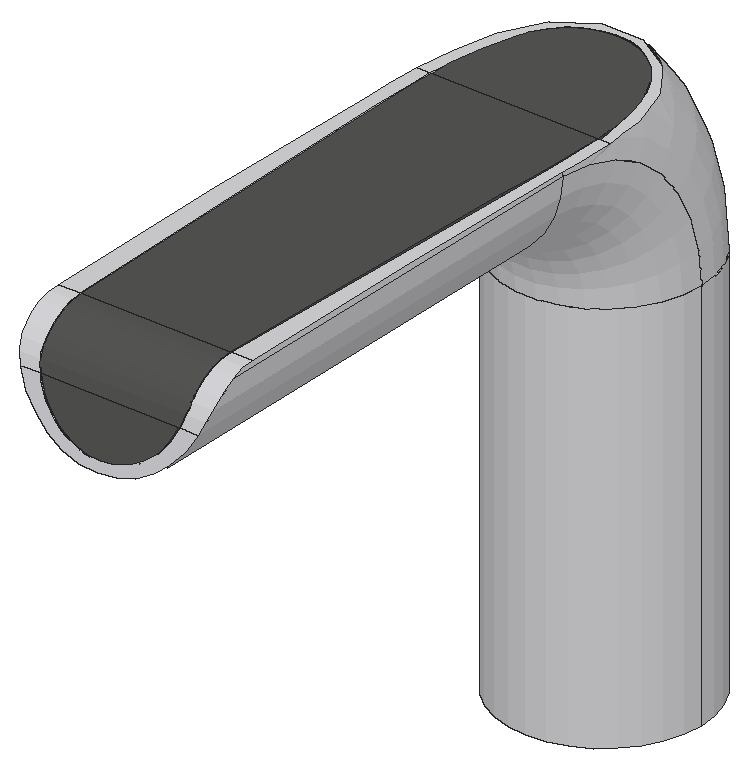
Revit family "Faucet_Touchless-Lavatory-KOHLER-AVID-K-29936T-1", category Plumbing Fixtures, host Face, Revit 2017
Family settings
  Host = Face
  Round Connector Dimension = Use Diameter
  Part Type = Normal
  OmniClass Number = 23.31.11.00
  Cut with Voids When Loaded = No
  Shared = No
  Room Calculation Point = No
Parameters (values of type "CP- Polished Chrome")
  Width = 2 1/128"  # constant formula
  WaterSense Certified = 1 = 0  # no
  Waste Water Outlet = "Waste Water Outlet"  # constant formula
  Waste Connection = 1 = 0  # no
  Voltage = 220 V  # constant formula
  Vent Connection = 1 = 0  # no
  URL = "http://www.kohler.com.cn/"
  Type = 1
  Spout Reach = 5 81/256"  # constant formula
  Product Page URL = "https://www.kohler.com.cn/product/K-29936T-CP/K-29936T-CP/"
  Product Name = "AVID"  # constant formula
  Product Documentation Link = "https://files.kohler.com.cn/pdfs/1567504503784_29936T.pdf"
  Pressure = 60.00 psi  # constant formula
  Model = "K-29936T-CP"  # constant formula
  Material = "Premium Metal Construction"  # constant formula
  Master Format 2014 Name = "Residential Faucets, Supplies, and Trim"  # constant formula
  Master Format 2014 = "22 41 39"  # constant formula
  Manufacturer Address = "Kohler Beijing Office (100016) 36-2-03-B, No. 88, Liuxiang Road, Beijing"  # constant formula
  Manufacturer = "KOHLER Co."  # constant formula
  Length = Spout Reach  # 5 81/256"
  Hot Water Inlet = "Hot Water Inlet"  # constant formula
  Height = 5 121/128"  # constant formula
  Handle Clearance = 0"
  HW Connection = 1 = 0  # no
  Flow Rate = 0.5 GPM  # constant formula
  Finish = Kohler-Metal-CP-Polished_Chrome
  Faucet Hole Spacing = 0"
  Environmental Product Declaration = ""
  Electrical Note = "One Dedicated Circuit Required"  # constant formula
  Electrical Connector = 1 = 1  # yes
  Drain Included = 1 = 1  # yes
  Description = "Aifei soap liquid sensor faucet single cold, AC with power box, 1.9 liters"  # constant formula
  Default Elevation = 36"
  Declare Label = ""
  Date Modified = "06/19/2021"  # constant formula
  Date Created = "06/19/2021"  # constant formula
  Copyright = "Copyright KOHLER Co."  # constant formula
  Contact Us = "http://www.kohler.com.cn/contact/contact-us/"
  Cold Water Inlet = "Cold Water Inlet"  # constant formula
  CW Connection = 1 = 1  # yes
  Assembly Code = "D2010"
  Apparent Load = 0 VA
  ADA Compliant = 1 = 0  # no
Reference planes (in)
  plane 1 "Center (Front/Back)": y = 0
  plane 2: z = 0
  plane 3 "Center (Left/Right)": x = 0
  plane 4: y = 1.00394
  plane 5: y = -1.00394
  plane 6: y = -5.31641
  plane 7: z = 5.94531
  plane 8: z = 4.84252
  plane 9: y = -6.51575
  plane 10: x = -1.00394
  plane 11: x = 1.00388
  plane 12: x = -0.53355
Dimensions and locks (in)
  "Width": plane 10 to plane 11
  plane 4 to plane 9 = 7.51969"
  "Length": plane 6 to plane 1 "Center (Front/Back)"
  "Height": level to plane 7
  "Spout Reach": plane 1 "Center (Front/Back)" to plane 6
  level to plane 8 = 4.84252"
  aligned and locked: plane 2 to host face
  aligned and locked: level to host face
  aligned and locked: plane 3 "Center (Left/Right)" to nested 1
  aligned and locked: plane 1 "Center (Front/Back)" to nested 1
Automatic sketch dimensions
  host sketch curve to host sketch curve = 96"  (x2)
Nested families (in)
  nested 1: "K-29936T" at (0, 0, 0), type "K-29936T"
Connectors (in)
  piping at (0, 0, 0), diameter 0.5, driven by "Flow Rate", driven by "Pressure", driven by "CW Connection", driven by "Cold Water Inlet"
    settings: on nested 1, index 1, connector inside diameter 24", connector length 0", flow factor 0, pipe flow 0.5 GPM, pressure drop 60.00 psi, fitting loss kfactor 0, connector angle 0.00°, fixture units 0, engagement length 0", angle of deflection 0.00°, flow configuration 1, flow direction 1, fitting loss method 4, system type 20, joint type 0, gender type 0, connector reference index -1, connector utility 1, adjustable connector no, is connector primary yes, connector description "Cold Water Inlet"
  electrical at (-0.53355, 0, 0), driven by "Voltage", driven by "Apparent Load", driven by "Electrical Connector", driven by "Electrical Note"
    settings: on nested 1, index 2, voltage 220 V, apparent load 0 VA, apparent load phase1 0 VA, apparent load phase2 0 VA, apparent load phase3 0 VA, power factor 1, load classification "Power", number of poles 1, system type 30, power factor state 1, is connector primary yes, connector utility yes, sub classification motor no, connector description "One Dedicated Circuit Required"
Definition of nested family "K-29936T"
  Parameters (values of type "K-29936T")
    Material = none
  Reference planes (in)
    plane 1 "Center (Front/Back)": y = 0
    plane 2: z = 0
    plane 3 "Center (Left/Right)": x = 0
    plane 4: y = 1.00394
    plane 5: y = -1.00394
    plane 6: z = 4.84252
    plane 7: y = -6.51575
    plane 8: y = -5.31496
    plane 9: z = 5.94488
    plane 10: x = -1.00394
    plane 11: x = 1.00394
    plane 12: x = -0.53355
  Forms (in)
    Sweep 1, solid, material <- "Material", detail levels medium+fine
      path origin (0, 0, 0) x (0, 1, 0) y (0, 0, 1)
        loop
          line (-7.30315, 4.84252) -> (-1.79134, 4.84252)
          arc (-1.79134, 4.84252) -> (-1.23456, 4.6119) -> (-1.00394, 4.05512) r 0.7874
          line (-1.00394, 4.05512) -> (-1.00394, 0)
      profile origin (0, -1.00394, 0) x (1, 0, 0) y (0, 1, 0)
        loop
          circle (0, 1.00394) r 1.00394
    Sweep 2, void
      path origin (0, 0, 0) x (0, 1, 0) y (0, 0, 1)
        loop
          arc (1.71456, 6.26022) -> (0.2916, 5.95518) -> (-1.16145, 5.8743) r 9.36409
          arc (-1.16145, 5.8743) -> (-3.46683, 5.90671) -> (-5.77244, 5.90165) r 141.85922
          arc (-5.77244, 5.90165) -> (-6.1455, 5.77178) -> (-6.36411, 5.44278) r 0.61915
          line (-6.36411, 5.44278) -> (-6.61885, 4.49206)
      profile origin (0, -3.46683, 5.90671) x (0, -0.00593, -0.999982) y (1, 0, 0)
        loop
          line (0, -1.12832) -> (0, 1.0801) -> (-1.5748, 1.0801) -> (-1.5748, -1.12832) -> (0, -1.12832)
    Extrusion 3, void
      sketch origin (0, 0, 0) x (1, 0, 0) y (0, 1, 0)
        loop
          line (0.75256, -6.71304) -> (0.85261, -2.38233)
          arc (0.85261, -2.38233) -> (0.85983, -2.03068) -> (0.86522, -1.679) r 68.00565
          arc (0.86522, -1.679) -> (0.86542, -1.37934) -> (0.85836, -1.07977) r 12.37796
          arc (0.85836, -1.07977) -> (0.84038, -0.85539) -> (0.80261, -0.63349) r 2.54101
          arc (0.80261, -0.63349) -> (0.76559, -0.49133) -> (0.7168, -0.35276) r 1.75429
          arc (0.7168, -0.35276) -> (0.63216, -0.18968) -> (0.5173, -0.04627) r 0.9361
          arc (0.5173, -0.04627) -> (-0.08895, 0.16898) -> (-0.63027, -0.17865) r 0.73043
          arc (-0.63027, -0.17865) -> (-0.65047, -0.21403) -> (-0.66886, -0.25038) r 0.80982
          arc (-0.66886, -0.25038) -> (-0.78695, -0.56902) -> (-0.84719, -0.90345) r 1.92533
          arc (-0.84719, -0.90345) -> (-0.86258, -1.13579) -> (-0.86695, -1.36859) r 4.91548
          arc (-0.86695, -1.36859) -> (-0.86208, -1.87535) -> (-0.85244, -2.38203) r 53.90553
          line (-0.85244, -2.38203) -> (-0.7497, -6.71304) -> (0.75256, -6.71304)
      from 6.22945 to 5.70304
    Extrusion 4, void
      sketch origin (0, 0, 0) x (1, 0, 0) y (0, 0, 1)
        loop
          arc (-0.76139, 5.70304) -> (0.00128, 4.94038) -> (0.76394, 5.70304) r 0.76266
          line (0.76394, 5.70304) -> (-0.76139, 5.70304)
      from 5.6115 to 6.89926
    Extrusion 5, solid
      sketch origin (0, 0, 0) x (1, 0, 0) y (0, 1, 0)
        loop
          line (0.75256, -6.71304) -> (0.85261, -2.38233)
          arc (0.85261, -2.38233) -> (0.85983, -2.03068) -> (0.86522, -1.679) r 68.00565
          arc (0.86522, -1.679) -> (0.86542, -1.37934) -> (0.85836, -1.07977) r 12.37796
          arc (0.85836, -1.07977) -> (0.84038, -0.85539) -> (0.80261, -0.63349) r 2.54101
          arc (0.80261, -0.63349) -> (0.76559, -0.49133) -> (0.7168, -0.35276) r 1.75429
          arc (0.7168, -0.35276) -> (0.63216, -0.18968) -> (0.5173, -0.04627) r 0.9361
          arc (0.5173, -0.04627) -> (-0.08895, 0.16898) -> (-0.63027, -0.17865) r 0.73043
          arc (-0.63027, -0.17865) -> (-0.65047, -0.21403) -> (-0.66886, -0.25038) r 0.80982
          arc (-0.66886, -0.25038) -> (-0.78695, -0.56902) -> (-0.84719, -0.90345) r 1.92533
          arc (-0.84719, -0.90345) -> (-0.86258, -1.13579) -> (-0.86695, -1.36859) r 4.91548
          arc (-0.86695, -1.36859) -> (-0.86208, -1.87535) -> (-0.85244, -2.38203) r 53.90553
          line (-0.85244, -2.38203) -> (-0.7497, -6.71304) -> (0.75256, -6.71304)
      from 4.7703 to 6.07648
    Extrusion 6, void
      sketch origin (0, 0, 0) x (1, 0, 0) y (0, 0, 1)
        loop
          line (-0.75249, 5.58692) -> (-1.05093, 5.58692) -> (-1.05093, 4.52193) -> (1.15764, 4.52193) -> (1.15764, 5.58692) -> (0.75505, 5.58692)
          arc (0.75505, 5.58692) -> (0.00128, 4.94038) -> (-0.75249, 5.58692) r 0.76266
      from -0.59237 to 6.63358
    Revolve 7, void
      sketch origin (0, 0, 0) x (0, 1, 0) y (0, 0, 1)
        loop
          line (-5.05394, 4.72086) -> (-5.02788, 4.86862) -> (-5.28993, 4.91483) -> (-5.31598, 4.76707) -> (-5.05394, 4.72086)
        axis (-5.31598, 4.76707) -> (-5.28993, 4.91483)
      angle from 0 to 360
    Extrusion 8, void
      sketch origin (0, 0, 0) x (1, 0, 0) y (0, 1, 0)
        loop
          line (0.10015, -5.81283) -> (-0.09922, -5.81283)
          arc (-0.09922, -5.81283) -> (-0.35026, -6.06388) -> (-0.09922, -6.31492) r 0.25104
          line (-0.09922, -6.31492) -> (0.10015, -6.31492)
          arc (0.10015, -6.31492) -> (0.35119, -6.06388) -> (0.10015, -5.81283) r 0.25104
      from 4.51646 to 4.92465
    Extrusion 9, void
      sketch origin (0, 0, 0) x (1, 0, 0) y (0, 1, 0)
        loop
          circle (-0.00068, -4.68516) r 0.06877
        loop
          circle (0.00049, -2.32263) r 0.12865
      from 4.71433 to 4.87664
    Revolve 10, solid, material <- "Material"
      sketch origin (0, 0, 0) x (0, 1, 0) y (0, 0, 1)
        loop
          line (-5.06328, 4.79112) -> (-5.03821, 4.81142) -> (-5.02812, 4.86867) -> (-5.07956, 4.87774) -> (-5.09388, 4.79651) -> (-5.06328, 4.79112)
        axis (-5.28932, 4.91472) -> (-5.30364, 4.8335)
      angle from 0 to 360
    Extrusion 11, solid, detail levels medium+fine
      sketch origin (0, 0, 0) x (1, 0, 0) y (0, 1, 0)
        loop
          circle (-0.00068, -4.68516) r 0.06877
        loop
          circle (-0.00068, -4.68516) r 0.03885
      from 4.84252 to 4.87664
    Revolve 12, solid, detail levels medium+fine
      sketch origin (0, 0, 0.01692) x (0, 1, 0) y (0, 0, 1)
        loop
          line (-2.323, 4.83465) -> (-2.323, 5.00035) -> (-2.45057, 5.00035) -> (-2.45057, 4.85518)
          arc (-2.45057, 4.85518) -> (-2.44456, 4.84066) -> (-2.43004, 4.83465) r 0.02053
          line (-2.43004, 4.83465) -> (-2.323, 4.83465)
        axis (-2.323, 4.83465) -> (-2.323, 5.00035)
      angle from 0 to 360
    Extrusion 13, solid
      sketch origin (0, 0, 0) x (1, 0, 0) y (0, 1, 0)
        loop
          line (0.10015, -5.81283) -> (-0.09922, -5.81283)
          arc (-0.09922, -5.81283) -> (-0.35026, -6.06388) -> (-0.09922, -6.31492) r 0.25104
          line (-0.09922, -6.31492) -> (0.10015, -6.31492)
          arc (0.10015, -6.31492) -> (0.35119, -6.06388) -> (0.10015, -5.81283) r 0.25104
      from 4.90591 to 4.94168
    Extrusion 14, solid
      sketch origin (0, -5.30364, 4.8335) x (-1, 0, 0) y (0, 0.984808, -0.173648)
        loop
          circle (0, 0) r 0.213
      from 0 to -0.1162
    Sweep 15, solid, material <- "Material", detail levels coarse
      path origin (0, 0, 0) x (0, 1, 0) y (0, 0, 1)
        loop
          line (-7.30315, 4.84252) -> (-1.00394, 4.84252) -> (-1.00394, 0)
      profile origin (0, -1.00394, 0) x (1, 0, 0) y (0, 1, 0)
        loop
          circle (0, 1.00394) r 1.00394
    Extrusion 16, solid, material <- "Material", detail levels medium+fine
      sketch origin (0, 0, 0) x (1, 0, 0) y (0, 1, 0)
        loop
          circle (0, 0) r 0.19685
      from 0 to 0.06787
    Extrusion 17, solid, material <- "Material", detail levels medium+fine
      sketch origin (0, 0, 0) x (1, 0, 0) y (0, 1, 0)
        loop
          circle (-0.53355, 0) r 0.19685
      from 0 to 0.21681
  Cuts and joins
    Sweep 2, Extrusion 3, Extrusion 4, Revolve 7, Extrusion 8, Extrusion 9 cuts Sweep 1
    Sweep 2, Extrusion 6 cuts Extrusion 5
    Sweep 2, Extrusion 3, Extrusion 4, Revolve 7, Extrusion 8 cuts Sweep 15
  Lines and regions (in)
    Masking region 1
      outline origin (0, 0, 0) x (0, 1, 0) y (0, 0, 1)
        loop
          line (-1.00394, 0) -> (1.00394, 0) -> (1.00394, 4.04902)
          arc (1.00394, 4.04902) -> (0.81298, 5.0662) -> (0.26612, 5.94488) r 2.80467
          arc (0.26612, 5.94488) -> (-0.4464, 5.88404) -> (-1.16145, 5.8743) r 9.99228
          arc (-1.16145, 5.8743) -> (-3.46683, 5.90671) -> (-5.77244, 5.90165) r 141.85922
          arc (-5.77244, 5.90165) -> (-6.1455, 5.77178) -> (-6.36411, 5.44278) r 0.61915
          line (-6.36411, 5.44278) -> (-6.51575, 4.84252) -> (-6.32335, 4.84252)
          arc (-6.32335, 4.84252) -> (-6.28819, 4.86407) -> (-6.24999, 4.87959) r 0.25187
          arc (-6.24999, 4.87959) -> (-6.06384, 4.90811) -> (-5.87768, 4.87959) r 0.62181
          arc (-5.87768, 4.87959) -> (-5.84105, 4.86428) -> (-5.80783, 4.84252) r 0.21621
          line (-5.80783, 4.84252) -> (-5.57287, 4.84252)
          arc (-5.57287, 4.84252) -> (-5.52591, 4.85451) -> (-5.47842, 4.86422) r 1.00106
          line (-5.47842, 4.86422) -> (-5.06319, 4.791) -> (-5.03927, 4.81037) -> (-5.03065, 4.84252) -> (-2.45078, 4.84252)
          arc (-2.45078, 4.84252) -> (-2.32225, 4.85069) -> (-2.19372, 4.84252) r 1.01551
          line (-2.19372, 4.84252) -> (-1.79134, 4.84252)
          arc (-1.79134, 4.84252) -> (-1.23456, 4.6119) -> (-1.00394, 4.05512) r 0.7874
          line (-1.00394, 4.05512) -> (-1.00394, 0)
    Masking region 2
      outline origin (0, 0, 0) x (1, 0, 0) y (0, 0, 1)
        loop
          line (-1.00394, 0) -> (1.00394, 0) -> (1.00394, 5.90918) -> (0.71395, 5.90918)
          arc (0.71395, 5.90918) -> (0, 5.94488) -> (-0.71395, 5.90918) r 7.15661
          line (-0.71395, 5.90918) -> (-1.00394, 5.90918) -> (-1.00394, 0)
    Masking region 3
      outline origin (0, 0, 0) x (1, 0, 0) y (0, 1, 0)
        loop
          spline (-1.00394, -6.02166) -> (-1.00372, -6.06342) -> (-1.00295, -6.10306) -> (-1.00141, -6.14067) -> (-0.99889, -6.17628) -> (-0.99516, -6.20966) -> (-0.98998, -6.24051) -> (-0.98314, -6.26857) -> (-0.97449, -6.29367) -> (-0.96395, -6.31569) -> (-0.95138, -6.33455) -> (-0.93663, -6.35025) -> (-0.91952, -6.36283)
          arc (-0.91952, -6.36283) -> (-0.83921, -6.40442) -> (-0.75427, -6.43548) r 0.71095
          arc (-0.75427, -6.43548) -> (-0.57354, -6.47894) -> (-0.38932, -6.50381) r 1.82641
          arc (-0.38932, -6.50381) -> (0, -6.51575) -> (0.38932, -6.50381) r 6.3551
          arc (0.38932, -6.50381) -> (0.57354, -6.47894) -> (0.75427, -6.43548) r 1.82641
          arc (0.75427, -6.43548) -> (0.83921, -6.40442) -> (0.91952, -6.36283) r 0.71095
          spline (0.91952, -6.36283) -> (0.93663, -6.35025) -> (0.95138, -6.33455) -> (0.96395, -6.31569) -> (0.97449, -6.29367) -> (0.98314, -6.26857) -> (0.98998, -6.24051) -> (0.99516, -6.20966) -> (0.99889, -6.17628) -> (1.00141, -6.14067) -> (1.00295, -6.10306) -> (1.00372, -6.06342) -> (1.00394, -6.02166)
          line (1.00394, -6.02166) -> (1.00394, 0.00008)
          arc (1.00394, 0.00008) -> (0, 1.00402) -> (-1.00394, 0.00008) r 1.00394
          line (-1.00394, 0.00008) -> (-1.00394, -6.02166)
    symbolic lines, detail levels medium+fine
      curve 1: line (0, -1.00394, 4.05512) -> (0, 1.00393, 4.05512)
      curve 2: line (0, -2.32263, 4.85068) -> (0, -2.32263, 5.89531)
      curve 3: arc (0, 0.27665, 5.93333) -> (0, -0.4411, 5.86633) -> (0, -1.16189, 5.85462) r 9.38377
      curve 4: arc (0, -1.16189, 5.85462) -> (0, -3.46695, 5.88703) -> (0, -5.77224, 5.88196) r 141.83953
      curve 5: arc (0, -5.77224, 5.88196) -> (0, -6.13338, 5.75627) -> (0, -6.34506, 5.43782) r 0.59947
      curve 6: line (0, -6.34506, 5.43782) -> (0, -6.49544, 4.84252)
      curve 7: arc (0, -5.03249, 4.84252) -> (0, -5.25424, 4.87836) -> (0, -5.47842, 4.86422) r 1.00847
      curve 8: line (0, -5.03821, 4.81142) -> (0, -5.39883, 4.87501)
      curve 9: arc (0, -4.61639, 4.84252) -> (0, -4.68516, 4.84492) -> (0, -4.75393, 4.84252) r 0.98449
      curve 10: arc (-1.00394, 0, 5.84646) -> (0, 0, 4.84252) -> (1.00394, 0, 5.84646) r 1.00394
      curve 11: spline (0, 0, 4.79112) -> (0.04566, 0, 4.79187) -> (0.08971, 0, 4.79408) -> (0.13059, 0, 4.7977) -> (0.16686, 0, 4.80257) -> (0.19724, 0, 4.80854) -> (0.22065, 0, 4.81539) -> (0.23627, 0, 4.82287) -> (0.24355, 0, 4.83074) -> (0.24223, 0, 4.8387) -> (0.23235, 0, 4.84648) -> (0.21427, 0, 4.8538) -> (0.18862, 0, 4.8604)
      curve 12: spline (-0.18862, 0, 4.8604) -> (-0.21427, 0, 4.8538) -> (-0.23235, 0, 4.84648) -> (-0.24223, 0, 4.8387) -> (-0.24355, 0, 4.83074) -> (-0.23627, 0, 4.82287) -> (-0.22065, 0, 4.81539) -> (-0.19724, 0, 4.80854) -> (-0.16686, 0, 4.80257) -> (-0.13059, 0, 4.7977) -> (-0.08971, 0, 4.79408) -> (-0.04566, 0, 4.79187) -> (0, 0, 4.79112)
      curve 13: spline (0, 0, 4.79651) -> (0.03955, 0, 4.79716) -> (0.07773, 0, 4.79906) -> (0.11321, 0, 4.80217) -> (0.14474, 0, 4.80636) -> (0.17124, 0, 4.8115) -> (0.19179, 0, 4.81741) -> (0.20566, 0, 4.82387) -> (0.21238, 0, 4.83067) -> (0.21171, 0, 4.83757) -> (0.20367, 0, 4.84433) -> (0.18855, 0, 4.85071) -> (0.16688, 0, 4.85649)
      curve 14: spline (-0.16688, 0, 4.85649) -> (-0.18855, 0, 4.85071) -> (-0.20367, 0, 4.84433) -> (-0.21171, 0, 4.83757) -> (-0.21238, 0, 4.83067) -> (-0.20566, 0, 4.82387) -> (-0.19179, 0, 4.81741) -> (-0.17124, 0, 4.8115) -> (-0.14474, 0, 4.80636) -> (-0.11321, 0, 4.80217) -> (-0.07773, 0, 4.79906) -> (-0.03955, 0, 4.79716) -> (0, 0, 4.79651)
      curve 15: arc (0.75505, 0, 5.58692) -> (0.00128, 0, 4.94038) -> (-0.75249, 0, 5.58692) r 0.76266
      curve 16: arc (-0.75249, 0, 5.58692) -> (-0.76569, 0, 5.71635) -> (-0.76558, 0, 5.84646) r 1.27036
      curve 17: arc (-0.76558, 0, 5.84646) -> (-0.77206, 0, 5.8812) -> (-0.79365, 0, 5.90918) r 0.07544
      curve 18: arc (0.77321, 0, 5.88634) -> (0.77104, 0, 5.73621) -> (0.75505, 0, 5.58692) r 1.62798
      curve 19: arc (0.79936, 0, 5.90918) -> (0.78087, 0, 5.90395) -> (0.77321, 0, 5.88634) r 0.02244
      curve 20: line (-0.2417, 0, 4.82761) -> (-0.26528, 0, 4.84668)
      curve 21: line (-0.26528, 0, 4.8782) -> (-0.26528, 0, 4.84668)
      curve 22: line (0.2417, 0, 4.82761) -> (0.26528, 0, 4.84668)
      curve 23: line (0.26528, 0, 4.8782) -> (0.26528, 0, 4.84668)
      curve 24: arc (-0.26528, 0, 4.84668) -> (-0.26209, 0, 4.85815) -> (-0.25343, 0, 4.86632) r 0.0222
      curve 25: arc (-0.25343, 0, 4.86632) -> (-0.24528, 0, 4.86951) -> (-0.23663, 0, 4.87081) r 0.03915
      curve 26: arc (0.26528, 0, 4.84668) -> (0.26209, 0, 4.85815) -> (0.25343, 0, 4.86632) r 0.0222
      curve 27: arc (0.25343, 0, 4.86632) -> (0.24528, 0, 4.86951) -> (0.23663, 0, 4.87081) r 0.03915
      curve 28: line (-1.00394, 0, 4.05512) -> (1.00394, 0, 4.05512)
      curve 29: line (0, 0, 4.05512) -> (0, 0, 4.44882)
      curve 30: arc (0, 0, 4.44882) -> (-0.02495, 0, 4.62854) -> (-0.09791, 0, 4.79468) r 0.65984
      curve 31: arc (0, 0, 4.44882) -> (0.02495, 0, 4.62854) -> (0.09791, 0, 4.79468) r 0.65984
      curve 32: line (-0.71395, 0, 5.90918) -> (0.71395, 0, 5.90918)
      curve 33: arc (0.5173, -0.04627, 0) -> (-0.08895, 0.16898, 0) -> (-0.63027, -0.17865, 0) r 0.73043
      curve 34: arc (-0.66886, -0.25038, 0) -> (-0.78695, -0.56902, 0) -> (-0.84719, -0.90345, 0) r 1.92533
      curve 35: arc (-0.63027, -0.17865, 0) -> (-0.65047, -0.21403, 0) -> (-0.66886, -0.25038, 0) r 0.80982
      curve 36: arc (0.7168, -0.35276, 0) -> (0.63216, -0.18968, 0) -> (0.5173, -0.04627, 0) r 0.9361
      curve 37: arc (0.80261, -0.63349, 0) -> (0.76559, -0.49133, 0) -> (0.7168, -0.35276, 0) r 1.75429
      curve 38: arc (0.85836, -1.07977, 0) -> (0.84038, -0.85539, 0) -> (0.80261, -0.63349, 0) r 2.54101
      curve 39: arc (0.86522, -1.679, 0) -> (0.86542, -1.37934, 0) -> (0.85836, -1.07977, 0) r 12.37796
      curve 40: arc (0.85261, -2.38233, 0) -> (0.85983, -2.03068, 0) -> (0.86522, -1.679, 0) r 68.00565
      curve 41: line (0.76302, -6.2601, 0) -> (0.85261, -2.38233, 0)
      curve 42: line (-0.85244, -2.38203, 0) -> (-0.76032, -6.26531, 0)
      curve 43: arc (-0.86695, -1.36859, 0) -> (-0.86208, -1.87535, 0) -> (-0.85244, -2.38203, 0) r 53.90553
      curve 44: arc (-0.84719, -0.90345, 0) -> (-0.86258, -1.13579, 0) -> (-0.86695, -1.36859, 0) r 4.91548
      curve 45: spline (-0.70478, -6.37105, 0) -> (-0.71233, -6.36647, 0) -> (-0.71938, -6.36107, 0) -> (-0.72592, -6.35488, 0) -> (-0.73194, -6.34789, 0) -> (-0.73743, -6.34012, 0) -> (-0.74239, -6.33159, 0) -> (-0.74679, -6.32231, 0) -> (-0.75064, -6.31229, 0) -> (-0.75392, -6.30157, 0) -> (-0.75663, -6.29015, 0) -> (-0.75877, -6.27805, 0) -> (-0.76032, -6.26531, 0)
      curve 46: spline (-0.70478, -6.37105, 0) -> (-0.63766, -6.40652, 0) -> (-0.54427, -6.43776, 0) -> (-0.42846, -6.46348, 0) -> (-0.29497, -6.48263, 0) -> (-0.14931, -6.49442, 0) -> (0.00255, -6.49836, 0) -> (0.15435, -6.49428, 0) -> (0.29986, -6.48237, 0) -> (0.43309, -6.46311, 0) -> (0.54857, -6.43728, 0) -> (0.64155, -6.40596, 0) -> (0.70821, -6.37043, 0)
      curve 47: spline (0.70821, -6.37043, 0) -> (0.71617, -6.36553, 0) -> (0.72352, -6.3598, 0) -> (0.73024, -6.35325, 0) -> (0.73633, -6.34588, 0) -> (0.74177, -6.33773, 0) -> (0.74655, -6.3288, 0) -> (0.75066, -6.31911, 0) -> (0.75409, -6.30869, 0) -> (0.75684, -6.29755, 0) -> (0.75889, -6.28571, 0) -> (0.76025, -6.27321, 0) -> (0.76091, -6.26006, 0)
      curve 48: line (0.08778, -0.81205, 0) -> (0.04131, -0.71318, 0)
      curve 49: line (0.03369, -0.80175, 0) -> (-0.01169, -0.70362, 0)
      curve 50: line (0.01927, -0.72345, 0) -> (0.05164, -0.79345, 0)
      curve 51: arc (0.04131, -0.71318, 0) -> (0.02517, -0.70733, 0) -> (0.01927, -0.72345, 0) r 0.01216
      curve 52: arc (0.05164, -0.79345, 0) -> (0.04682, -0.80657, 0) -> (0.03369, -0.80175, 0) r 0.00989
      curve 53: arc (-0.01169, -0.70362, 0) -> (-0.02683, -0.69808, 0) -> (-0.03232, -0.71323, 0) r 0.01138
      curve 54: line (-0.03232, -0.71323, 0) -> (0.01251, -0.80862, 0)
      curve 55: arc (0.01251, -0.80862, 0) -> (0.0076, -0.82225, 0) -> (-0.00603, -0.81734, 0) r 0.01024
      curve 56: line (-0.00603, -0.81734, 0) -> (-0.05863, -0.70544, 0)
      curve 57: arc (-0.05863, -0.70544, 0) -> (-0.07325, -0.70019, 0) -> (-0.07845, -0.71483, 0) r 0.01097
      curve 58: line (-0.07845, -0.71483, 0) -> (-0.02488, -0.82709, 0)
      curve 59: arc (-0.02488, -0.82709, 0) -> (-0.02963, -0.84051, 0) -> (-0.04305, -0.83577, 0) r 0.01007
      curve 60: line (-0.04305, -0.83577, 0) -> (-0.08779, -0.74201, 0)
      curve 61: arc (-0.08779, -0.74201, 0) -> (-0.10654, -0.73529, 0) -> (-0.11341, -0.75398, 0) r 0.01414
      curve 62: line (-0.11341, -0.75398, 0) -> (-0.04281, -0.90842, 0)
      curve 63: arc (-0.04281, -0.90842, 0) -> (-0.08176, -0.90272, 0) -> (-0.12108, -0.90074, 0) r 0.4139
      curve 64: arc (-0.12495, -0.92401, 0) -> (-0.07484, -0.94423, 0) -> (-0.02732, -0.96995, 0) r 0.48069
      curve 65: arc (-0.12108, -0.90074, 0) -> (-0.1329, -0.91073, 0) -> (-0.12495, -0.92401, 0) r 0.01195
      curve 66: arc (-0.02732, -0.96995, 0) -> (-0.01361, -0.97816, 0) -> (0.0003, -0.98603, 0) r 0.64083
      curve 67: arc (0.0003, -0.98603, 0) -> (0.03096, -0.99552, 0) -> (0.06288, -0.99219, 0) r 0.07994
      curve 68: arc (0.06288, -0.99219, 0) -> (0.08204, -0.98403, 0) -> (0.09929, -0.97235, 0) r 0.10811
      curve 69: arc (0.09929, -0.97235, 0) -> (0.11471, -0.95247, 0) -> (0.12026, -0.92792, 0) r 0.05795
      curve 70: arc (0.12026, -0.92792, 0) -> (0.11772, -0.8967, 0) -> (0.10995, -0.86636, 0) r 0.18515
      curve 71: arc (0.10995, -0.86636, 0) -> (0.09957, -0.83892, 0) -> (0.08778, -0.81205, 0) r 0.56412
      curve 72: arc (0.11168, -0.98189, 0) -> (0.13022, -0.95666, 0) -> (0.13599, -0.92589, 0) r 0.07043
      curve 73: arc (0.0593, -1.00836, 0) -> (0.08712, -0.99835, 0) -> (0.11168, -0.98189, 0) r 0.12093
      curve 74: arc (-0.01105, -0.99675, 0) -> (0.02299, -1.00943, 0) -> (0.0593, -1.00836, 0) r 0.09462
      curve 75: arc (-0.12998, -0.9388, 0) -> (-0.06912, -0.9649, 0) -> (-0.01105, -0.99675, 0) r 0.68656
      curve 76: arc (-0.11784, -0.88503, 0) -> (-0.14739, -0.90661, 0) -> (-0.12998, -0.9388, 0) r 0.02781
      curve 77: line (-0.06878, -0.88932, 0) -> (-0.11784, -0.88503, 0)
      curve 78: line (-0.12779, -0.76026, 0) -> (-0.06878, -0.88932, 0)
      curve 79: arc (-0.09541, -0.71789, 0) -> (-0.12431, -0.72935, 0) -> (-0.12779, -0.76026, 0) r 0.03021
      curve 80: arc (-0.04497, -0.69406, 0) -> (-0.07964, -0.68597, 0) -> (-0.09541, -0.71789, 0) r 0.02865
      curve 81: arc (0.00626, -0.69914, 0) -> (-0.01793, -0.68225, 0) -> (-0.04497, -0.69406, 0) r 0.03018
      curve 82: arc (0.05364, -0.70245, 0) -> (0.03092, -0.68689, 0) -> (0.00626, -0.69914, 0) r 0.0272
      curve 83: line (0.09495, -0.79032, 0) -> (0.05364, -0.70245, 0)
      curve 84: arc (0.11796, -0.84272, 0) -> (0.10679, -0.81637, 0) -> (0.09495, -0.79032, 0) r 1.11888
      curve 85: arc (0.132, -0.89037, 0) -> (0.12619, -0.86619, 0) -> (0.11796, -0.84272, 0) r 0.24472
      curve 86: arc (0.13599, -0.92589, 0) -> (0.13465, -0.90806, 0) -> (0.132, -0.89037, 0) r 0.24472
      curve 87: arc (0.22355, -0.94411, 0) -> (0.24385, -0.88538, 0) -> (0.24038, -0.82335, 0) r 0.16084
      curve 88: arc (0.21862, -0.82894, 0) -> (0.22167, -0.8823, 0) -> (0.20415, -0.93278, 0) r 0.13747
      curve 89: arc (0.18821, -0.91863, 0) -> (0.20026, -0.8799, 0) -> (0.19936, -0.83934, 0) r 0.12578
      curve 90: arc (0.17875, -0.84325, 0) -> (0.17989, -0.8773, 0) -> (0.17045, -0.91004, 0) r 0.10898
      curve 91: arc (0.19936, -0.83934, 0) -> (0.1871, -0.83096, 0) -> (0.17875, -0.84325, 0) r 0.01049
      curve 92: arc (0.24038, -0.82335, 0) -> (0.2267, -0.81525, 0) -> (0.21862, -0.82894, 0) r 0.01123
      curve 93: arc (0.20415, -0.93278, 0) -> (0.20818, -0.94816, 0) -> (0.22355, -0.94411, 0) r 0.01123
      curve 94: arc (0.17045, -0.91004, 0) -> (0.17509, -0.9231, 0) -> (0.18821, -0.91863, 0) r 0.00986
      curve 95: arc (-0.21869, -0.8682, 0) -> (-0.22132, -0.81482, 0) -> (-0.2034, -0.76448, 0) r 0.13747
      curve 96: arc (-0.22271, -0.753, 0) -> (-0.24347, -0.81156, 0) -> (-0.24049, -0.87362, 0) r 0.16084
      curve 97: arc (-0.2034, -0.76448, 0) -> (-0.20731, -0.74907, 0) -> (-0.22271, -0.753, 0) r 0.01123
      curve 98: arc (-0.24049, -0.87362, 0) -> (-0.22688, -0.88183, 0) -> (-0.21869, -0.8682, 0) r 0.01123
      curve 99: arc (-0.18624, -0.78001, 0) -> (-0.19984, -0.81822, 0) -> (-0.20057, -0.85878, 0) r 0.12578
      curve 100: arc (-0.1679, -0.79019, 0) -> (-0.17196, -0.7759, 0) -> (-0.18624, -0.78001, 0) r 0.01049
      curve 101: arc (-0.18102, -0.85621, 0) -> (-0.17968, -0.82216, 0) -> (-0.1679, -0.79019, 0) r 0.10898
      curve 102: arc (-0.20057, -0.85878, 0) -> (-0.18952, -0.86715, 0) -> (-0.18102, -0.85621, 0) r 0.00986
      curve 103: line (-0.00412, -1.39478, 0) -> (0.15044, -1.39478, 0)
      curve 104: line (0.12445, -1.37678, 0) -> (0.12445, -1.33741, 0)
      curve 105: line (0.12445, -1.33741, 0) -> (0.09369, -1.33741, 0)
      curve 106: line (0.09369, -1.33741, 0) -> (0.09369, -1.27442, 0)
      curve 107: line (0.15589, -1.37678, 0) -> (0.12445, -1.37678, 0)
      curve 108: arc (0.19821, -1.4191, 0) -> (0.18581, -1.38918, 0) -> (0.15589, -1.37678, 0) r 0.04232
      curve 109: arc (0.15044, -1.39478, 0) -> (0.16714, -1.4017, 0) -> (0.17406, -1.41839, 0) r 0.02362
      curve 110: line (0.17406, -1.41839, 0) -> (0.17406, -1.47214, 0)
      curve 111: line (0.19821, -1.47214, 0) -> (0.19821, -1.4191, 0)
      curve 112: arc (0.17406, -1.47214, 0) -> (0.18614, -1.48421, 0) -> (0.19821, -1.47214, 0) r 0.01207
      curve 113: line (0.13198, -1.23505, 0) -> (0.04034, -1.23505, 0)
      curve 114: arc (0.13198, -1.27442, 0) -> (0.15167, -1.25473, 0) -> (0.13198, -1.23505, 0) r 0.01969
      curve 115: line (0.09369, -1.27442, 0) -> (0.13198, -1.27442, 0)
      curve 116: arc (0.04034, -1.23505, 0) -> (-0.00015, -1.24128, 0) -> (-0.0369, -1.2594, 0) r 0.13468
      curve 117: line (-0.0369, -1.2594, 0) -> (-0.08881, -1.29575, 0)
      curve 118: arc (-0.08881, -1.29575, 0) -> (-0.09174, -1.31017, 0) -> (-0.07749, -1.31385, 0) r 0.01069
      curve 119: line (-0.07749, -1.31385, 0) -> (-0.02508, -1.2848, 0)
      curve 120: arc (-0.02508, -1.2848, 0) -> (-0.00567, -1.27706, 0) -> (0.01505, -1.27442, 0) r 0.08279
      curve 121: line (0.01505, -1.27442, 0) -> (0.0542, -1.27442, 0)
      curve 122: line (0.0542, -1.27442, 0) -> (0.0542, -1.33741, 0)
      curve 123: line (0.0542, -1.33741, 0) -> (0.02311, -1.33741, 0)
      curve 124: line (0.02311, -1.33741, 0) -> (0.02311, -1.37678, 0)
      curve 125: line (0.02311, -1.37678, 0) -> (-0.01152, -1.37678, 0)
      curve 126: arc (-0.02616, -1.41682, 0) -> (-0.01971, -1.40124, 0) -> (-0.00412, -1.39478, 0) r 0.02204
      curve 127: arc (-0.01152, -1.37678, 0) -> (-0.03787, -1.38769, 0) -> (-0.04878, -1.41403, 0) r 0.03725
      curve 128: line (-0.02617, -1.47026, 0) -> (-0.02616, -1.41682, 0)
      curve 129: line (-0.04878, -1.41403, 0) -> (-0.04878, -1.47025, 0)
      curve 130: arc (-0.04878, -1.47025, 0) -> (-0.03747, -1.48156, 0) -> (-0.02617, -1.47026, 0) r 0.0113
      curve 131: arc (-0.07393, -1.37203, 0) -> (-0.08924, -1.35672, 0) -> (-0.10456, -1.37203, 0) r 0.01531
      curve 132: arc (-0.10456, -1.37203, 0) -> (-0.08924, -1.38734, 0) -> (-0.07393, -1.37203, 0) r 0.01531
      curve 133: arc (-0.15085, -1.4582, 0) -> (-0.13791, -1.46827, 0) -> (-0.12186, -1.4716, 0) r 0.03614
      curve 134: arc (-0.12186, -1.4716, 0) -> (-0.10676, -1.46841, 0) -> (-0.09379, -1.46003, 0) r 0.04239
      curve 135: arc (-0.09379, -1.46003, 0) -> (-0.08865, -1.42229, 0) -> (-0.12443, -1.40925, 0) r 0.03035
      curve 136: arc (-0.12443, -1.40925, 0) -> (-0.15168, -1.38814, 0) -> (-0.17242, -1.41566, 0) r 0.02421
      curve 137: arc (-0.17242, -1.41566, 0) -> (-0.19029, -1.45146, 0) -> (-0.15085, -1.4582, 0) r 0.02492
      curve 138: line (-0.04473, -5.22764, 0) -> (-0.04851, -5.19685, 0)
      curve 139: arc (-0.06665, -5.22995, 0) -> (-0.05452, -5.23994, 0) -> (-0.04473, -5.22764, 0) r 0.01102
      curve 140: arc (-0.04851, -5.19685, 0) -> (-0.06001, -5.18771, 0) -> (-0.06936, -5.19904, 0) r 0.01048
      curve 141: line (-0.06936, -5.19904, 0) -> (-0.06665, -5.22995, 0)
      curve 142: arc (-0.04099, -5.25453, 0) -> (-0.05249, -5.24538, 0) -> (-0.06183, -5.25672, 0) r 0.01048
      curve 143: line (-0.03717, -5.28567, 0) -> (-0.04099, -5.25453, 0)
      curve 144: line (-0.06183, -5.25672, 0) -> (-0.0591, -5.28797, 0)
      curve 145: arc (-0.0591, -5.28797, 0) -> (-0.04696, -5.29798, 0) -> (-0.03717, -5.28567, 0) r 0.01103
      curve 146: line (-0.07418, -5.14241, 0) -> (-0.07144, -5.17369, 0)
      curve 147: arc (-0.05334, -5.14022, 0) -> (-0.06483, -5.13107, 0) -> (-0.07418, -5.14241, 0) r 0.01048
      curve 148: line (-0.04951, -5.17139, 0) -> (-0.05334, -5.14022, 0)
      curve 149: arc (-0.07144, -5.17369, 0) -> (-0.0593, -5.1837, 0) -> (-0.04951, -5.17139, 0) r 0.01103
      curve 150: arc (-0.10685, -5.14241, 0) -> (-0.1162, -5.13107, 0) -> (-0.12769, -5.14022, 0) r 0.01048
      curve 151: line (-0.10959, -5.17369, 0) -> (-0.10685, -5.14241, 0)
      curve 152: line (-0.12769, -5.14022, 0) -> (-0.13152, -5.17139, 0)
      curve 153: arc (-0.13152, -5.17139, 0) -> (-0.12173, -5.1837, 0) -> (-0.10959, -5.17369, 0) r 0.01103
      curve 154: arc (-0.11167, -5.19904, 0) -> (-0.12102, -5.18771, 0) -> (-0.13251, -5.19685, 0) r 0.01048
      curve 155: line (-0.11438, -5.22995, 0) -> (-0.11167, -5.19904, 0)
      curve 156: line (-0.13251, -5.19685, 0) -> (-0.13629, -5.22764, 0)
      curve 157: arc (-0.13629, -5.22764, 0) -> (-0.12651, -5.23994, 0) -> (-0.11438, -5.22995, 0) r 0.01102
      curve 158: arc (-0.1192, -5.25672, 0) -> (-0.12854, -5.24538, 0) -> (-0.14004, -5.25453, 0) r 0.01048
      curve 159: line (-0.14004, -5.25453, 0) -> (-0.14386, -5.28567, 0)
      curve 160: line (-0.12193, -5.28797, 0) -> (-0.1192, -5.25672, 0)
      curve 161: arc (-0.14386, -5.28567, 0) -> (-0.13407, -5.29798, 0) -> (-0.12193, -5.28797, 0) r 0.01103
      curve 162: arc (-0.07808, -5.13955, 0) -> (-0.08834, -5.12904, 0) -> (-0.09903, -5.13912, 0) r 0.01048
      curve 163: line (-0.09903, -5.13912, 0) -> (-0.10022, -5.1705, 0)
      curve 164: line (-0.07817, -5.17096, 0) -> (-0.07808, -5.13955, 0)
      curve 165: arc (-0.10022, -5.1705, 0) -> (-0.08943, -5.18195, 0) -> (-0.07817, -5.17096, 0) r 0.01103
      curve 166: line (-0.08047, -5.22736, 0) -> (-0.08037, -5.19634, 0)
      curve 167: arc (-0.08037, -5.19634, 0) -> (-0.09063, -5.18583, 0) -> (-0.10132, -5.19591, 0) r 0.01048
      curve 168: line (-0.10132, -5.19591, 0) -> (-0.1025, -5.22691, 0)
      curve 169: arc (-0.1025, -5.22691, 0) -> (-0.09171, -5.23835, 0) -> (-0.08047, -5.22736, 0) r 0.01102
      curve 170: arc (-0.08011, -5.25451, 0) -> (-0.09037, -5.244, 0) -> (-0.10106, -5.25408, 0) r 0.01048
      curve 171: line (-0.08021, -5.28588, 0) -> (-0.08011, -5.25451, 0)
      curve 172: line (-0.10106, -5.25408, 0) -> (-0.10225, -5.28543, 0)
      curve 173: arc (-0.10225, -5.28543, 0) -> (-0.09146, -5.29687, 0) -> (-0.08021, -5.28588, 0) r 0.01103
      curve 174: line (-0.13424, -5.11979, 0) -> (-0.04679, -5.11979, 0)
      curve 175: line (-0.13424, -5.0804, 0) -> (-0.13424, -5.11979, 0)
      curve 176: line (-0.04679, -5.11979, 0) -> (-0.04679, -5.08038, 0)
      curve 177: line (-0.11625, -5.08041, 0) -> (-0.06458, -5.08041, 0)
      curve 178: line (-0.13442, -5.01647, 0) -> (0.16576, -5.01647, 0)
      curve 179: arc (-0.13442, -5.0593, 0) -> (-0.15584, -5.03788, 0) -> (-0.13442, -5.01647, 0) r 0.02142
      curve 180: line (0.16654, -5.0593, 0) -> (-0.13442, -5.0593, 0)
      curve 181: line (-0.11625, -5.11271, 0) -> (-0.11625, -5.08041, 0)
      curve 182: line (-0.06458, -5.08041, 0) -> (-0.06458, -5.11271, 0)
      curve 183: arc (-0.13521, -4.99539, 0) -> (-0.17772, -5.03839, 0) -> (-0.13424, -5.0804, 0) r 0.04251
      curve 184: line (0.16576, -4.99539, 0) -> (-0.13521, -4.99539, 0)
      curve 185: arc (0.16576, -5.01647, 0) -> (0.1763, -5.00593, 0) -> (0.16576, -4.99539, 0) r 0.01054
      curve 186: arc (0.16654, -5.08038, 0) -> (0.17708, -5.06984, 0) -> (0.16654, -5.0593, 0) r 0.01054
      curve 187: line (-0.04679, -5.08038, 0) -> (0.16654, -5.08038, 0)
      curve 188: line (-0.06458, -5.11271, 0) -> (-0.11625, -5.11271, 0)
      curve 189: arc (-0.68664, -0.24194, 0) -> (-0.6678, -0.2047, 0) -> (-0.64711, -0.16846, 0) r 0.8295
      curve 190: arc (-0.86679, -0.90168, 0) -> (-0.80594, -0.56383, 0) -> (-0.68664, -0.24194, 0) r 1.94501
      curve 191: arc (-0.64711, -0.16846, 0) -> (-0.09121, 0.18853, 0) -> (0.53138, -0.03252, 0) r 0.75012
      curve 192: arc (0.53138, -0.03252, 0) -> (0.64866, -0.17894, 0) -> (0.73508, -0.34546, 0) r 0.95578
      curve 193: arc (0.73508, -0.34546, 0) -> (0.78441, -0.48558, 0) -> (0.82185, -0.62933, 0) r 1.77397
      curve 194: arc (0.82185, -0.62933, 0) -> (0.85991, -0.85295, 0) -> (0.87803, -1.07906, 0) r 2.5607
      curve 195: arc (0.87803, -1.07906, 0) -> (0.8851, -1.37912, 0) -> (0.88491, -1.67925, 0) r 12.39765
      curve 196: arc (0.88491, -1.67925, 0) -> (0.87951, -2.03104, 0) -> (0.87229, -2.38279, 0) r 68.02533
      curve 197: line (0.87229, -2.38279, 0) -> (0.7828, -6.25605, 0)
      curve 198: line (0.7828, -6.25605, 0) -> (0.71843, -6.38604, 0)
      curve 199: line (-0.77997, -6.2671, 0) -> (-0.87212, -2.3825, 0)
      curve 200: arc (-0.87212, -2.3825, 0) -> (-0.88176, -1.87563, 0) -> (-0.88663, -1.36869, 0) r 53.92522
      curve 201: arc (-0.88663, -1.36869, 0) -> (-0.88225, -1.13495, 0) -> (-0.86679, -0.90168, 0) r 4.93517
      curve 202: line (-0.71408, -6.3884, 0) -> (-0.77997, -6.2671, 0)
      curve 203: arc (-0.57162, -6.44132, 0) -> (-0.64465, -6.41971, 0) -> (-0.71408, -6.3884, 0) r 0.56059
      curve 204: arc (0.00128, -6.49836, 0) -> (-0.28689, -6.48712, 0) -> (-0.57162, -6.44132, 0) r 2.39411
      curve 205: arc (0.57162, -6.44132, 0) -> (0.64697, -6.41884, 0) -> (0.71843, -6.38604, 0) r 0.56059
      curve 206: arc (-0.00133, -6.49835, 0) -> (0.28687, -6.48713, 0) -> (0.57162, -6.44132, 0) r 2.39411
      curve 207: arc (-0.77195, 0, 5.58393) -> (-0.78535, 0, 5.71536) -> (-0.78524, 0, 5.84748) r 1.29005
      curve 208: arc (0.7745, 0, 5.58393) -> (0.00128, 0, 4.92069) -> (-0.77195, 0, 5.58393) r 0.78235
      curve 209: arc (0.79288, 0, 5.88696) -> (0.79069, 0, 5.73502) -> (0.7745, 0, 5.58393) r 1.64766
      curve 210: arc (-0.78524, 0, 5.84748) -> (-0.7915, 0, 5.88157) -> (-0.81245, 0, 5.90918) r 0.07482
      curve 211: arc (0.81067, 0, 5.90918) -> (0.79768, 0, 5.90135) -> (0.79288, 0, 5.88696) r 0.02192
  Dimensions and locks (in)
    aligned and locked: plane 2 to level
